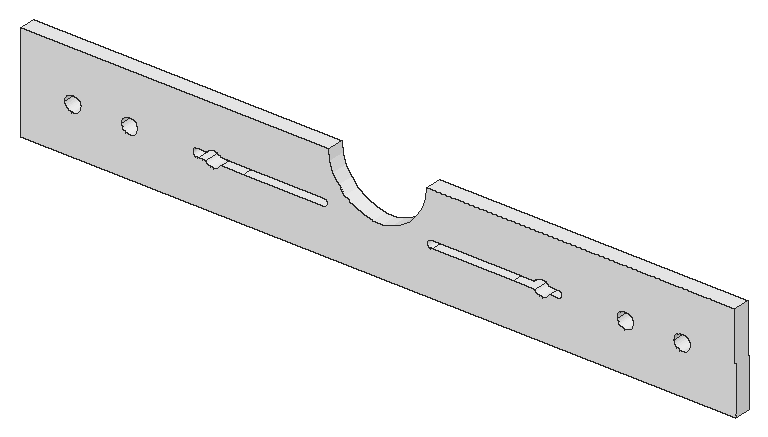
Revit family "Plumbing Fixture-Water_Closet_Carrier_Mifab_MC-36-2", category Plumbing Fixtures, host Wall, Revit 2013
Parameters
  URL = "www.mifab.com"
  Model = "MC-36-2"
  Manufacturer = "MIFAB"
  Floor Drain Material = Paint - Sherwin Williams Paint - #952C2A - Bellwood Red
  Description = "Wall Supported Plate System"
Reference planes (in)
  plane 1: y = 0
  plane 2 "Center (Left/Right)": x = -0.47711
  plane 3 "Back": y = 3
Forms (in)
  Extrusion 1, solid, material "Paint - Sherwin Williams Paint - #952C2A - Bellwood Red" <- "Floor Drain Material"
    sketch origin (-60, 3, 32.8607) x (-1, 0, 0) y (0, 0, 1)
      loop
        line (-70.52289, 3) -> (-70.52289, 0) -> (-48.52289, 0) -> (-48.52289, 3) -> (-58.02289, 3)
        arc (-58.02289, 3) -> (-59.52289, 1.5) -> (-61.02289, 3) r 1.5
        line (-61.02289, 3) -> (-70.52289, 3)
      loop
        circle (-50.15145, 1.48166) r 0.25
      loop
        circle (-51.89433, 1.48166) r 0.25
      loop
        circle (-68.89433, 1.48166) r 0.25
      loop
        circle (-67.15145, 1.48166) r 0.25
      loop
        line (-53.9789, 1.60666) -> (-54.24789, 1.60666)
        arc (-54.24789, 1.60666) -> (-54.46295, 1.72919) -> (-54.67801, 1.60666) r 0.25
        line (-54.67801, 1.60666) -> (-55.36777, 1.60666) -> (-57.8539, 1.60666)
        arc (-57.8539, 1.60666) -> (-57.9789, 1.48166) -> (-57.8539, 1.35666) r 0.125
        line (-57.8539, 1.35666) -> (-55.36492, 1.35666) -> (-54.68087, 1.35666)
        arc (-54.68087, 1.35666) -> (-54.46295, 1.22919) -> (-54.24504, 1.35666) r 0.25
        line (-54.24504, 1.35666) -> (-53.9789, 1.35666)
        arc (-53.9789, 1.35666) -> (-53.8539, 1.48166) -> (-53.9789, 1.60666) r 0.125
      loop
        arc (-65.06689, 1.60666) -> (-65.19189, 1.48166) -> (-65.06689, 1.35666) r 0.125
        line (-65.06689, 1.35666) -> (-64.80074, 1.35666)
        arc (-64.80074, 1.35666) -> (-64.58283, 1.22919) -> (-64.36492, 1.35666) r 0.25
        line (-64.36492, 1.35666) -> (-63.68087, 1.35666) -> (-61.19189, 1.35666)
        arc (-61.19189, 1.35666) -> (-61.06689, 1.48166) -> (-61.19189, 1.60666) r 0.125
        line (-61.19189, 1.60666) -> (-63.67801, 1.60666) -> (-64.36777, 1.60666)
        arc (-64.36777, 1.60666) -> (-64.58283, 1.72919) -> (-64.79789, 1.60666) r 0.25
        line (-64.79789, 1.60666) -> (-65.06689, 1.60666)
    from 0 to 0.5
Text (in)
  text "Placement Side" at (0, 40.15149, 123.01588), in view "Right"
  text "Placement Side" at (-70.3804, 45.82615, 0), in view "Ref. Level"
  text "Placement Side" at (0, 47.49176, 113.10569), in view "Left"
Dimensions and locks (in)
  locked: plane 3 "Back" to host wall
  plane 2 "Center (Left/Right)" to Extrusion 1 sketch curve = 11"  (x2)
  aligned and locked: level to Extrusion 1 sketch curve
